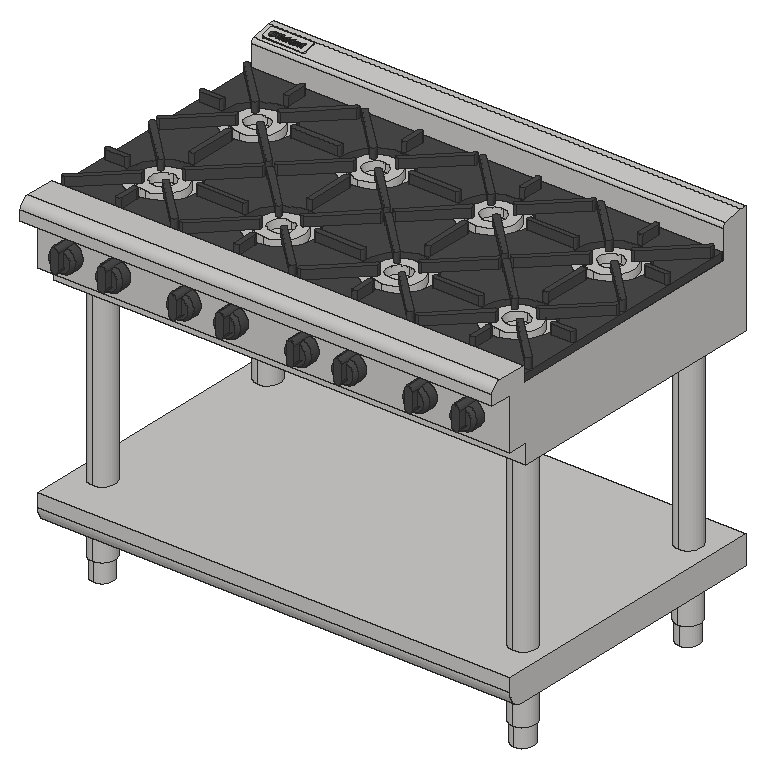
Revit family "QF_MOFFAT WALDORF_RNL8800G-LS", category Specialty Equipment, Revit 2012 (continued)
Lines and regions (mm)
  symbolic lines
    curve 60: line (949.563, -50.782, 0) -> (929.563, -50.782, 0)
    curve 61: line (989.563, -20.984, 0) -> (989.563, -50.782, 0)
    curve 62: line (989.563, -50.782, 0) -> (1009.563, -50.782, 0)
    curve 63: line (1009.563, -50.782, 0) -> (1009.563, -20.984, 0)
    curve 64: line (1009.563, -20.984, 0) -> (989.563, -20.984, 0)
    curve 65: arc (150, -153.418, 0) -> (234.082, -237.5, 0) -> (150, -321.582, 0) r 84.082
    curve 66: arc (150, -321.582, 0) -> (65.918, -237.5, 0) -> (150, -153.418, 0) r 84.082
    curve 67: arc (150, -294.5, 0) -> (207, -237.5, 0) -> (150, -180.5, 0) r 57
    curve 68: arc (150, -180.5, 0) -> (93, -237.5, 0) -> (150, -294.5, 0) r 57
    curve 69: arc (450, -321.582, 0) -> (365.918, -237.5, 0) -> (450, -153.418, 0) r 84.082
    curve 70: arc (450, -153.418, 0) -> (534.082, -237.5, 0) -> (450, -321.582, 0) r 84.082
    curve 71: arc (450, -180.5, 0) -> (393, -237.5, 0) -> (450, -294.5, 0) r 57
    curve 72: arc (450, -294.5, 0) -> (507, -237.5, 0) -> (450, -180.5, 0) r 57
    curve 73: arc (450, -621.582, 0) -> (365.918, -537.5, 0) -> (450, -453.418, 0) r 84.082
    curve 74: arc (450, -453.418, 0) -> (534.082, -537.5, 0) -> (450, -621.582, 0) r 84.082
    curve 75: arc (450, -480.5, 0) -> (393, -537.5, 0) -> (450, -594.5, 0) r 57
    curve 76: arc (450, -594.5, 0) -> (507, -537.5, 0) -> (450, -480.5, 0) r 57
    curve 77: arc (150, -453.418, 0) -> (234.082, -537.5, 0) -> (150, -621.582, 0) r 84.082
    curve 78: arc (150, -621.582, 0) -> (65.918, -537.5, 0) -> (150, -453.418, 0) r 84.082
    curve 79: arc (150, -594.5, 0) -> (207, -537.5, 0) -> (150, -480.5, 0) r 57
    curve 80: arc (150, -480.5, 0) -> (93, -537.5, 0) -> (150, -594.5, 0) r 57
    curve 81: arc (750, -153.418, 0) -> (834.082, -237.5, 0) -> (750, -321.582, 0) r 84.082
    curve 82: arc (750, -321.582, 0) -> (665.918, -237.5, 0) -> (750, -153.418, 0) r 84.082
    curve 83: arc (750, -294.5, 0) -> (807, -237.5, 0) -> (750, -180.5, 0) r 57
    curve 84: arc (750, -180.5, 0) -> (693, -237.5, 0) -> (750, -294.5, 0) r 57
    curve 85: arc (750, -453.418, 0) -> (834.082, -537.5, 0) -> (750, -621.582, 0) r 84.082
    curve 86: arc (750, -621.582, 0) -> (665.918, -537.5, 0) -> (750, -453.418, 0) r 84.082
    curve 87: arc (750, -594.5, 0) -> (807, -537.5, 0) -> (750, -480.5, 0) r 57
    curve 88: arc (750, -480.5, 0) -> (693, -537.5, 0) -> (750, -594.5, 0) r 57
    curve 89: arc (1050, -321.582, 0) -> (965.918, -237.5, 0) -> (1050, -153.418, 0) r 84.082
    curve 90: arc (1050, -153.418, 0) -> (1134.082, -237.5, 0) -> (1050, -321.582, 0) r 84.082
    curve 91: arc (1050, -294.5, 0) -> (1107, -237.5, 0) -> (1050, -180.5, 0) r 57
    curve 92: arc (1050, -180.5, 0) -> (993, -237.5, 0) -> (1050, -294.5, 0) r 57
    curve 93: arc (1050, -621.582, 0) -> (965.918, -537.5, 0) -> (1050, -453.418, 0) r 84.082
    curve 94: arc (1050, -453.418, 0) -> (1134.082, -537.5, 0) -> (1050, -621.582, 0) r 84.082
    curve 95: arc (1050, -480.5, 0) -> (993, -537.5, 0) -> (1050, -594.5, 0) r 57
    curve 96: arc (1050, -594.5, 0) -> (1107, -537.5, 0) -> (1050, -480.5, 0) r 57
    curve 97: line (149.548, -91.559, 0) -> (149.548, -150.474, 0)
    curve 98: line (292.985, -93.673, 0) -> (177.661, -208.996, 0)
    curve 99: line (6.308, -93.805, 0) -> (122.981, -210.478, 0)
    curve 100: line (4.051, -237.21, 0) -> (62.934, -237.21, 0)
    curve 101: line (237.206, -237.685, 0) -> (362.206, -237.685, 0)
    curve 102: line (177.414, -264.855, 0) -> (292.362, -379.803, 0)
    curve 103: line (121.919, -265.123, 0) -> (7.026, -380.016, 0)
    curve 104: line (149.925, -324.847, 0) -> (149.925, -444.847, 0)
    curve 105: line (149.548, -683.441, 0) -> (149.548, -624.526, 0)
    curve 106: line (292.985, -681.327, 0) -> (177.661, -566.004, 0)
    curve 107: line (6.308, -681.195, 0) -> (122.981, -564.522, 0)
    curve 108: line (4.051, -537.79, 0) -> (62.934, -537.79, 0)
    curve 109: line (237.206, -537.315, 0) -> (362.206, -537.315, 0)
    curve 110: line (177.414, -510.145, 0) -> (292.362, -395.197, 0)
    curve 111: line (121.919, -509.877, 0) -> (7.026, -394.984, 0)
    curve 112: line (450.452, -91.559, 0) -> (450.452, -150.474, 0)
    curve 113: line (307.015, -93.673, 0) -> (422.339, -208.996, 0)
    curve 114: line (593.692, -93.805, 0) -> (477.019, -210.478, 0)
    curve 115: line (422.586, -264.855, 0) -> (307.638, -379.803, 0)
    curve 116: line (478.081, -265.123, 0) -> (592.974, -380.016, 0)
    curve 117: line (450.075, -324.847, 0) -> (450.075, -444.847, 0)
    curve 118: line (450.452, -683.441, 0) -> (450.452, -624.526, 0)
    curve 119: line (307.015, -681.327, 0) -> (422.339, -566.004, 0)
    curve 120: line (593.692, -681.195, 0) -> (477.019, -564.522, 0)
    curve 121: line (362.794, -537.315, 0) -> (237.794, -537.315, 0)
    curve 122: line (422.586, -510.145, 0) -> (307.638, -395.197, 0)
    curve 123: line (478.081, -509.877, 0) -> (592.974, -394.984, 0)
    curve 124: arc (1050, -153.418, 0) -> (965.918, -237.5, 0) -> (1050, -321.582, 0) r 84.082
    curve 125: arc (1050, -321.582, 0) -> (1134.082, -237.5, 0) -> (1050, -153.418, 0) r 84.082
    curve 126: arc (1050, -294.5, 0) -> (993, -237.5, 0) -> (1050, -180.5, 0) r 57
    curve 127: arc (1050, -180.5, 0) -> (1107, -237.5, 0) -> (1050, -294.5, 0) r 57
    curve 128: arc (750, -321.582, 0) -> (834.082, -237.5, 0) -> (750, -153.418, 0) r 84.082
    curve 129: arc (750, -153.418, 0) -> (665.918, -237.5, 0) -> (750, -321.582, 0) r 84.082
    curve 130: arc (750, -180.5, 0) -> (807, -237.5, 0) -> (750, -294.5, 0) r 57
    curve 131: arc (750, -294.5, 0) -> (693, -237.5, 0) -> (750, -180.5, 0) r 57
    curve 132: arc (750, -621.582, 0) -> (834.082, -537.5, 0) -> (750, -453.418, 0) r 84.082
    curve 133: arc (750, -453.418, 0) -> (665.918, -537.5, 0) -> (750, -621.582, 0) r 84.082
    curve 134: arc (750, -480.5, 0) -> (807, -537.5, 0) -> (750, -594.5, 0) r 57
    curve 135: arc (750, -594.5, 0) -> (693, -537.5, 0) -> (750, -480.5, 0) r 57
    curve 136: arc (1050, -453.418, 0) -> (965.918, -537.5, 0) -> (1050, -621.582, 0) r 84.082
    curve 137: arc (1050, -621.582, 0) -> (1134.082, -537.5, 0) -> (1050, -453.418, 0) r 84.082
    curve 138: arc (1050, -594.5, 0) -> (993, -537.5, 0) -> (1050, -480.5, 0) r 57
    curve 139: arc (1050, -480.5, 0) -> (1107, -537.5, 0) -> (1050, -594.5, 0) r 57
    curve 140: line (1050.452, -91.559, 0) -> (1050.452, -150.474, 0)
    curve 141: line (907.015, -93.673, 0) -> (1022.339, -208.996, 0)
    curve 142: line (1195.949, -237.21, 0) -> (1137.066, -237.21, 0)
    curve 143: line (962.794, -237.685, 0) -> (837.794, -237.685, 0)
    curve 144: line (1022.586, -264.855, 0) -> (907.638, -379.803, 0)
    curve 145: line (1078.081, -265.123, 0) -> (1192.974, -380.016, 0)
    curve 146: line (1050.075, -324.847, 0) -> (1050.075, -444.847, 0)
    curve 147: line (1050.452, -683.441, 0) -> (1050.452, -624.526, 0)
    curve 148: line (907.015, -681.327, 0) -> (1022.339, -566.004, 0)
    curve 149: line (1193.692, -681.195, 0) -> (1077.019, -564.522, 0)
    curve 150: line (1195.949, -537.79, 0) -> (1137.066, -537.79, 0)
    curve 151: line (962.794, -537.315, 0) -> (837.794, -537.315, 0)
    curve 152: line (1022.586, -510.145, 0) -> (907.638, -395.197, 0)
    curve 153: line (1078.081, -509.877, 0) -> (1192.974, -394.984, 0)
    curve 154: line (749.548, -91.559, 0) -> (749.548, -150.474, 0)
    curve 155: line (892.985, -93.673, 0) -> (777.661, -208.996, 0)
    curve 156: line (606.308, -93.805, 0) -> (722.981, -210.478, 0)
    curve 157: line (777.414, -264.855, 0) -> (892.362, -379.803, 0)
    curve 158: line (721.919, -265.123, 0) -> (607.026, -380.016, 0)
    curve 159: line (749.925, -324.847, 0) -> (749.925, -444.847, 0)
    curve 160: line (749.548, -683.441, 0) -> (749.548, -624.526, 0)
    curve 161: line (892.985, -681.327, 0) -> (777.661, -566.004, 0)
    curve 162: line (606.308, -681.195, 0) -> (722.981, -564.522, 0)
    curve 163: line (837.206, -537.315, 0) -> (962.206, -537.315, 0)
    curve 164: line (777.414, -510.145, 0) -> (892.362, -395.197, 0)
    curve 165: line (721.919, -509.877, 0) -> (607.026, -394.984, 0)
    curve 166: line (1192.985, -93.673, 0) -> (1077.661, -208.996, 0)
    curve 167: line (537.5, -237.685, 0) -> (662.5, -237.685, 0)
    curve 168: line (663.089, -537.315, 0) -> (538.089, -537.315, 0)
    curve 169: line (0, -387.5, 0) -> (1200, -387.5, 0)
    curve 170: line (300.379, -70, 0) -> (300.379, -705, 0)
    curve 171: line (600, -70, 0) -> (600, -705, 0)
    curve 172: line (900, -70, 0) -> (900, -705, 0)
    curve 173: line (1200, -805, 0) -> (1200, 0, 0)
    curve 174: line (0, -805, 0) -> (1200, -805, 0)
    curve 175: line (0, 0, 0) -> (0, -805, 0)
    curve 176: line (1200, -705, 0) -> (0, -705, 0)
    curve 177: line (0, -70, 0) -> (1200, -70, 0)
    curve 178: line (1200, 0, 0) -> (0, 0, 0)
    curve 179: arc (150, -207.5, 0) -> (180, -237.5, 0) -> (150, -267.5, 0) r 30
    curve 180: arc (150, -267.5, 0) -> (120, -237.5, 0) -> (150, -207.5, 0) r 30
    curve 181: arc (450, -267.5, 0) -> (420, -237.5, 0) -> (450, -207.5, 0) r 30
    curve 182: arc (450, -207.5, 0) -> (480, -237.5, 0) -> (450, -267.5, 0) r 30
    curve 183: arc (750, -267.5, 0) -> (720, -237.5, 0) -> (750, -207.5, 0) r 30
    curve 184: arc (750, -207.5, 0) -> (780, -237.5, 0) -> (750, -267.5, 0) r 30
    curve 185: arc (1050, -267.5, 0) -> (1020, -237.5, 0) -> (1050, -207.5, 0) r 30
    curve 186: arc (1050, -207.5, 0) -> (1080, -237.5, 0) -> (1050, -267.5, 0) r 30
    curve 187: arc (1050, -567.5, 0) -> (1020, -537.5, 0) -> (1050, -507.5, 0) r 30
    curve 188: arc (1050, -507.5, 0) -> (1080, -537.5, 0) -> (1050, -567.5, 0) r 30
    curve 189: arc (750, -507.5, 0) -> (780, -537.5, 0) -> (750, -567.5, 0) r 30
    curve 190: arc (750, -567.5, 0) -> (720, -537.5, 0) -> (750, -507.5, 0) r 30
    curve 191: arc (450, -507.5, 0) -> (480, -537.5, 0) -> (450, -567.5, 0) r 30
    curve 192: arc (450, -567.5, 0) -> (420, -537.5, 0) -> (450, -507.5, 0) r 30
    curve 193: arc (150, -507.5, 0) -> (180, -537.5, 0) -> (150, -567.5, 0) r 30
    curve 194: arc (150, -567.5, 0) -> (120, -537.5, 0) -> (150, -507.5, 0) r 30
Dimensions and locks
  equal spacing: plane 3 "LEFT", plane 7 "Center Y", plane 4 "RIGHT"
  plane 3 "LEFT" to plane 4 "RIGHT" = 1200.0 mm
  equal spacing: plane 5 "FRONT", plane 8 "Center X", plane 1 "BACK"
  plane 5 "FRONT" to plane 1 "BACK" = 805.0 mm
  "Base Height": plane 9 "Base Height" to level
  plane 6 "TOP" to level = 970.0 mm
  plane 10 to plane 11 = 1069.0 mm
  "Body Height": plane 12 to level
  Extrusion 7 sketch curve to plane 13 = 64.8 mm
  Revolve 13 sketch curve to Revolve 13 sketch curve to Revolve 15 = 11.0 mm locked, 23.0 mm locked
  level to Extrusion 4 = 655.0 mm
  aligned and locked: level to plane 2
  aligned and locked: Extrusion 1 to Revolve 13 sketch curve
  aligned and locked: Extrusion 1 to Revolve 19 sketch curve
Automatic sketch dimensions
  curve 65 to curve 67 = 0.0 mm  (x2)
  curve 69 to curve 71 = 0.0 mm  (x2)
  curve 73 to curve 75 = 0.0 mm
  curve 74 to curve 76 = 0.0 mm
  curve 77 to curve 79 = 0.0 mm  (x2)
  curve 81 to curve 83 = 0.0 mm  (x2)
  curve 81 to curve 128 = 0.0 mm  (x3)
  curve 81 to curve 130 = 0.0 mm  (x2)
  curve 85 to curve 87 = 0.0 mm  (x2)
  curve 85 to curve 132 = 0.0 mm
  curve 85 to curve 134 = 0.0 mm  (x2)
  curve 86 to curve 133 = 0.0 mm
  curve 89 to curve 91 = 0.0 mm  (x2)
  curve 90 to curve 127 = 0.0 mm
  curve 91 to curve 126 = 0.0 mm  (x2)
  curve 93 to curve 95 = 0.0 mm  (x2)
  curve 94 to curve 136 = 0.0 mm
  curve 96 to curve 139 = 0.0 mm
  curve 125 to curve 127 = 0.0 mm  (x2)
  curve 137 to curve 139 = 0.0 mm  (x2)
  curve 171 to plane 7 "Center Y" = 0.0 mm
  curve 169 to plane 4 "RIGHT" = 0.0 mm
  plane 3 "LEFT" to curve 100 = 4.051 mm
  plane 3 "LEFT" to curve 108 = 4.051 mm
  plane 3 "LEFT" to curve 107 = 6.308 mm
  plane 3 "LEFT" to curve 99 = 6.308 mm
  plane 3 "LEFT" to curve 111 = 7.026 mm
  plane 3 "LEFT" to curve 103 = 7.026 mm
  plane 3 "LEFT" to curve 3 = 12.5 mm
  curve 100 to plane 11 = 2.066 mm
  curve 108 to plane 11 = 2.066 mm
  plane 11 to curve 4 = 56.5 mm
  plane 11 to curve 103 = 56.919 mm
  plane 11 to curve 111 = 56.919 mm
  curve 111 to curve 107 = 1.062 mm
  curve 103 to curve 99 = 1.062 mm
  curve 99 to curve 97 = 26.567 mm
  plane 11 to curve 105 = 84.548 mm
  curve 2 to curve 5 = 28.062 mm
  curve 103 to curve 104 = 28.006 mm
  curve 104 to curve 80 = 0.075 mm
  curve 104 to curve 68 = 0.075 mm
  curve 5 to curve 7 = 20.0 mm
  curve 65 to curve 102 = 27.414 mm
  curve 77 to curve 110 = 27.414 mm
  curve 67 to curve 98 = 27.661 mm
  curve 79 to curve 106 = 27.661 mm
  curve 6 to curve 9 = 40.0 mm
  curve 9 to curve 12 = 20.0 mm
  curve 102 to curve 101 = 59.792 mm
  curve 110 to curve 109 = 59.792 mm
  curve 109 to curve 121 = 0.589 mm  (x2)
  curve 10 to curve 13 = 40.0 mm
  curve 13 to curve 16 = 20.0 mm
  plane 8 "Center X" to curve 110 = 7.303 mm
  curve 104 to curve 110 = 142.437 mm
  plane 8 "Center X" to curve 102 = 22.697 mm
  curve 102 to curve 110 = 0.0 mm
  curve 105 to curve 106 = 143.437 mm
  plane 1 "BACK" to curve 98 = 93.673 mm
  curve 14 to curve 98 = 3.422 mm
  curve 14 to curve 170 = 10.817 mm
  curve 98 to curve 113 = 14.03 mm
  curve 106 to curve 119 = 14.03 mm
  plane 8 "Center X" to curve 122 = 7.303 mm
  curve 110 to curve 122 = 15.277 mm
  plane 8 "Center X" to curve 115 = 22.697 mm
  curve 102 to curve 115 = 15.277 mm
  curve 15 to curve 20 = 40.0 mm
  curve 17 to curve 19 = 20.0 mm
  curve 101 to curve 101 = 125.0 mm
  curve 121 to curve 109 = 124.411 mm
  curve 19 to curve 22 = 40.0 mm
  curve 21 to curve 23 = 20.0 mm
  curve 101 to curve 113 = 60.133 mm
  curve 121 to curve 119 = 59.544 mm
  curve 113 to curve 115 = 0.248 mm
  curve 119 to curve 122 = 0.248 mm
  curve 22 to curve 25 = 40.0 mm
  curve 122 to curve 73 = 27.414 mm
  curve 113 to curve 72 = 27.661 mm
  curve 74 to curve 117 = 0.075 mm
  curve 70 to curve 112 = 0.452 mm
  curve 73 to curve 118 = 0.452 mm
  curve 25 to curve 27 = 20.0 mm
  curve 73 to curve 120 = 27.019 mm
  curve 69 to curve 114 = 27.019 mm
  curve 73 to curve 123 = 28.081 mm
  curve 69 to curve 116 = 28.081 mm
  curve 26 to curve 30 = 40.0 mm
  curve 29 to curve 31 = 20.0 mm
  curve 167 to plane 7 "Center Y" = 62.5 mm
  curve 168 to plane 7 "Center Y" = 61.911 mm
  curve 33 to plane 7 "Center Y" = 30.437 mm
  curve 35 to plane 7 "Center Y" = 10.437 mm
  curve 123 to plane 7 "Center Y" = 7.026 mm
  curve 116 to plane 7 "Center Y" = 7.026 mm
  curve 120 to plane 7 "Center Y" = 6.308 mm
  curve 114 to plane 7 "Center Y" = 6.308 mm
  plane 7 "Center Y" to curve 156 = 6.308 mm
  plane 7 "Center Y" to curve 162 = 6.308 mm
  plane 7 "Center Y" to curve 165 = 7.026 mm
  plane 7 "Center Y" to curve 158 = 7.026 mm
  plane 7 "Center Y" to curve 37 = 29.563 mm
  curve 37 to curve 38 = 20.0 mm
  plane 7 "Center Y" to curve 167 = 62.5 mm
  plane 7 "Center Y" to curve 168 = 63.089 mm
  curve 38 to curve 41 = 40.0 mm
  curve 41 to curve 43 = 20.0 mm
  curve 167 to curve 158 = 59.419 mm
  curve 168 to curve 165 = 58.83 mm
  curve 158 to curve 156 = 1.062 mm
  curve 165 to curve 162 = 1.062 mm
  curve 162 to curve 160 = 26.567 mm
  curve 156 to curve 154 = 26.567 mm
  curve 43 to curve 45 = 40.0 mm
  curve 158 to curve 159 = 28.006 mm
  curve 159 to curve 128 = 0.075 mm
  curve 162 to curve 133 = 27.019 mm
  curve 45 to curve 47 = 20.0 mm
  curve 85 to curve 164 = 27.414 mm
  curve 81 to curve 157 = 27.414 mm
  curve 84 to curve 155 = 27.661 mm
  curve 134 to curve 161 = 27.661 mm
  curve 47 to curve 50 = 40.0 mm
  curve 49 to curve 51 = 20.0 mm
  curve 164 to curve 163 = 59.792 mm
  curve 163 to curve 151 = 0.589 mm  (x2)
  curve 157 to curve 143 = 60.381 mm
  curve 51 to curve 53 = 40.0 mm
  curve 53 to curve 55 = 20.0 mm
  plane 8 "Center X" to curve 164 = 7.303 mm
  curve 159 to curve 164 = 142.437 mm
  plane 8 "Center X" to curve 157 = 22.697 mm
  curve 157 to curve 164 = 0.0 mm
  curve 160 to curve 161 = 143.437 mm
  plane 1 "BACK" to curve 155 = 93.673 mm
  curve 54 to curve 155 = 3.422 mm
  curve 54 to curve 172 = 10.438 mm
  curve 161 to curve 148 = 14.03 mm
  plane 1 "BACK" to curve 141 = 93.673 mm
  curve 155 to curve 141 = 14.03 mm
  plane 8 "Center X" to curve 144 = 22.697 mm
  curve 157 to curve 144 = 15.277 mm
  plane 8 "Center X" to curve 152 = 7.303 mm
  curve 164 to curve 152 = 15.277 mm
  curve 55 to curve 58 = 40.0 mm
  curve 57 to curve 60 = 20.0 mm
  curve 151 to curve 163 = 124.411 mm
  curve 143 to curve 143 = 125.0 mm
  curve 59 to curve 62 = 40.0 mm
  curve 61 to curve 63 = 20.0 mm
  curve 143 to curve 141 = 59.544 mm
  curve 151 to curve 148 = 59.544 mm
  curve 148 to curve 152 = 0.248 mm
  curve 141 to curve 144 = 0.248 mm
  curve 148 to curve 139 = 27.661 mm
  curve 144 to curve 92 = 27.414 mm
  curve 125 to curve 146 = 0.075 mm
  curve 137 to curve 147 = 0.452 mm
  curve 62 to curve 140 = 40.89 mm
  curve 136 to curve 149 = 27.019 mm
  curve 126 to curve 166 = 27.661 mm
  curve 136 to curve 153 = 28.081 mm
  curve 124 to curve 145 = 28.081 mm
  plane 10 to curve 150 = 3.066 mm
  plane 10 to curve 142 = 3.066 mm
  plane 4 "RIGHT" to curve 145 = 7.026 mm
  plane 4 "RIGHT" to curve 153 = 7.026 mm
  plane 4 "RIGHT" to curve 166 = 7.015 mm
  plane 4 "RIGHT" to curve 149 = 6.308 mm
  plane 4 "RIGHT" to curve 150 = 4.051 mm
  plane 4 "RIGHT" to curve 142 = 4.051 mm
  curve 159 to plane 8 "Center X" = 42.347 mm
  curve 146 to plane 8 "Center X" = 42.347 mm
  curve 117 to plane 8 "Center X" = 42.347 mm
  curve 104 to plane 8 "Center X" = 42.347 mm
  curve 94 to curve 146 = 8.57 mm
  curve 73 to curve 117 = 8.57 mm
  curve 86 to curve 159 = 8.57 mm
  curve 137 to curve 94 = 0.0 mm
  curve 77 to curve 104 = 8.57 mm
  curve 133 to curve 86 = 0.0 mm
  curve 79 to curve 77 = 27.082 mm
  curve 96 to curve 93 = 27.082 mm
  curve 88 to curve 85 = 27.082 mm
  curve 75 to curve 73 = 27.082 mm
  curve 139 to curve 95 = 0.0 mm
  curve 135 to curve 87 = 0.0 mm
  curve 153 to curve 138 = 29.377 mm
  curve 123 to curve 75 = 29.377 mm
  curve 111 to curve 79 = 29.377 mm
  curve 165 to curve 134 = 29.377 mm
  curve 152 to curve 95 = 29.645 mm
  curve 122 to curve 76 = 29.645 mm
  curve 110 to curve 79 = 29.645 mm
  curve 164 to curve 88 = 29.645 mm
  curve 168 to curve 165 = 27.439 mm
  curve 151 to curve 164 = 27.171 mm
  curve 109 to curve 110 = 27.171 mm
  curve 163 to curve 151 = 0.0 mm
  curve 109 to curve 121 = 0.0 mm
  curve 73 to curve 122 = 27.355 mm
  curve 133 to curve 164 = 27.355 mm
  curve 95 to curve 152 = 27.355 mm
  curve 77 to curve 110 = 27.355 mm
  curve 150 to curve 153 = 27.913 mm
  curve 108 to curve 111 = 27.913 mm
  curve 149 to curve 136 = 27.022 mm
  curve 107 to curve 77 = 27.022 mm
  curve 120 to curve 73 = 27.022 mm
  curve 162 to curve 85 = 27.022 mm
  curve 95 to curve 148 = 28.496 mm
  curve 79 to curve 106 = 28.496 mm
  curve 75 to curve 119 = 28.496 mm
  curve 134 to curve 161 = 28.496 mm
  curve 118 to curve 74 = 2.944 mm
  curve 160 to curve 133 = 2.944 mm
  curve 105 to curve 78 = 2.944 mm
  curve 147 to curve 137 = 2.944 mm
  curve 107 to plane 5 "FRONT" = 123.805 mm
  curve 120 to curve 162 = 0.0 mm
  curve 149 to plane 5 "FRONT" = 123.805 mm
  curve 161 to curve 148 = 0.0 mm
  curve 106 to plane 5 "FRONT" = 123.673 mm
  curve 106 to curve 119 = 0.0 mm
  curve 105 to curve 105 = 58.914 mm
  curve 147 to curve 147 = 58.914 mm
  curve 118 to curve 118 = 58.914 mm
  curve 160 to curve 160 = 58.914 mm
  curve 172 to curve 148 = 23.673 mm
  curve 170 to curve 119 = 23.673 mm
  curve 171 to curve 162 = 23.805 mm
  plane 8 "Center X" to curve 123 = 7.516 mm
  plane 8 "Center X" to curve 153 = 7.516 mm
  plane 8 "Center X" to curve 165 = 7.516 mm
  plane 8 "Center X" to curve 111 = 7.516 mm
  curve 153 to curve 169 = 7.484 mm
  curve 165 to curve 158 = 14.968 mm
  curve 169 to curve 103 = 7.484 mm
  curve 169 to curve 145 = 7.484 mm
  curve 116 to curve 158 = 0.0 mm
  plane 8 "Center X" to curve 117 = 77.653 mm
  plane 8 "Center X" to curve 104 = 77.653 mm
  plane 8 "Center X" to curve 159 = 77.653 mm
  plane 8 "Center X" to curve 146 = 77.653 mm
  curve 104 to curve 65 = 3.265 mm
  curve 159 to curve 128 = 3.265 mm
  curve 146 to curve 90 = 3.265 mm
  curve 117 to curve 70 = 3.265 mm
  curve 125 to curve 90 = 0.0 mm
  curve 81 to curve 130 = 27.082 mm
  curve 84 to curve 131 = 0.0 mm
  curve 89 to curve 126 = 27.082 mm
  curve 65 to curve 68 = 27.082 mm
  curve 69 to curve 72 = 27.082 mm
  curve 127 to curve 145 = 29.377 mm
  curve 84 to curve 158 = 29.377 mm
  curve 68 to curve 103 = 29.377 mm
  curve 72 to curve 116 = 29.377 mm
  curve 130 to curve 157 = 29.645 mm
  curve 92 to curve 144 = 29.645 mm
  curve 67 to curve 102 = 29.645 mm
  curve 71 to curve 115 = 29.645 mm
  curve 102 to curve 101 = 27.171 mm
  curve 157 to curve 143 = 27.171 mm
  curve 116 to curve 167 = 27.439 mm
  curve 102 to curve 68 = 27.355 mm
  curve 115 to curve 69 = 27.355 mm
  curve 157 to curve 83 = 27.355 mm
  curve 144 to curve 127 = 27.355 mm
  curve 103 to curve 100 = 27.913 mm
  curve 145 to curve 142 = 27.913 mm
  curve 81 to curve 156 = 27.022 mm
  curve 69 to curve 114 = 27.022 mm
  curve 65 to curve 99 = 27.022 mm
  curve 166 to curve 126 = 28.496 mm
  curve 98 to curve 67 = 28.496 mm
  curve 113 to curve 72 = 28.496 mm
  curve 155 to curve 84 = 28.496 mm
  curve 141 to curve 91 = 28.496 mm
  curve 82 to curve 154 = 2.944 mm
  curve 66 to curve 97 = 2.944 mm
  curve 125 to curve 140 = 2.944 mm
  curve 70 to curve 112 = 2.944 mm
  plane 1 "BACK" to curve 99 = 93.805 mm
  curve 114 to curve 156 = 0.0 mm
  plane 1 "BACK" to curve 166 = 93.673 mm
  curve 97 to curve 97 = 58.914 mm
  curve 112 to curve 112 = 58.914 mm
  curve 154 to curve 154 = 58.914 mm
  curve 140 to curve 140 = 58.914 mm
  curve 156 to curve 171 = 23.805 mm
  curve 141 to curve 172 = 23.673 mm
  curve 113 to curve 170 = 23.673 mm
  curve 97 to curve 2 = 39.499 mm
  curve 170 to curve 18 = 19.218 mm
  plane 1 "BACK" to curve 41 = 50.782 mm
  plane 1 "BACK" to curve 62 = 50.782 mm
  curve 18 to curve 21 = 0.0 mm
  curve 42 to curve 45 = 0.0 mm
  curve 23 to curve 25 = 0.0 mm
  curve 47 to curve 49 = 0.0 mm
  curve 26 to curve 29 = 0.0 mm
  curve 39 to curve 41 = 0.0 mm
  curve 171 to curve 33 = 19.218 mm
  curve 2 to curve 5 = 1.278 mm
  curve 172 to curve 53 = 19.218 mm
  curve 172 to curve 57 = 19.218 mm
  curve 170 to curve 15 = 19.218 mm
  curve 7 to curve 12 = 0.0 mm
  plane 1 "BACK" to curve 1 = 21.784 mm
  plane 1 "BACK" to curve 63 = 20.984 mm
  plane 1 "BACK" to curve 39 = 20.984 mm
  plane 1 "BACK" to curve 9 = 20.984 mm
  plane 1 "BACK" to curve 7 = 20.984 mm
  plane 1 "BACK" to curve 13 = 20.984 mm
  plane 1 "BACK" to curve 35 = 20.984 mm
  plane 1 "BACK" to curve 59 = 20.984 mm
  plane 1 "BACK" to curve 56 = 20.984 mm
  plane 1 "BACK" to curve 52 = 20.984 mm
  plane 1 "BACK" to curve 17 = 20.984 mm
  plane 1 "BACK" to curve 32 = 20.984 mm
  plane 1 "BACK" to curve 28 = 20.984 mm
  plane 1 "BACK" to curve 23 = 20.984 mm
  plane 1 "BACK" to curve 47 = 20.984 mm
  plane 1 "BACK" to curve 44 = 20.984 mm
  plane 5 "FRONT" to curve 173 = 0.0 mm
  curve 174 to plane 3 "LEFT" = 0.0 mm
  plane 1 "BACK" to curve 175 = 0.0 mm
  Revolve 2 sketch curve to plane 6 "TOP" = 169.5 mm
  Revolve 2 sketch curve to plane 5 "FRONT" = 56.0 mm
  Revolve 2 sketch curve to plane 6 "TOP" = 137.0 mm
  Revolve 2 sketch curve to Revolve 2 sketch curve = 10.0 mm
  Revolve 2 sketch curve to Revolve 2 sketch curve = 21.3 mm
  Revolve 2 sketch curve to plane 5 "FRONT" = 23.0 mm
  Revolve 2 sketch curve to plane 5 "FRONT" = 12.0 mm
  Revolve 2 sketch curve to Revolve 2 sketch curve = 0.0 mm  (x2)
  Revolve 2 sketch curve to Revolve 2 sketch curve = 5.0 mm
  Revolve 2 sketch curve to plane 6 "TOP" = 142.849 mm
  Extrusion 3 sketch curve to plane 6 "TOP" = 142.605 mm
  plane 11 to Extrusion 3 sketch curve = 135.0 mm
  Extrusion 3 sketch curve to Extrusion 3 sketch curve = 10.0 mm
  Extrusion 3 sketch curve to plane 6 "TOP" = 181.602 mm
  plane 1 "BACK" to Extrusion 4 sketch curve = 32.0 mm
  Extrusion 4 sketch curve to plane 10 = 64.0 mm
  Revolve 5 sketch curve to plane 5 "FRONT" = 12.0 mm
  Revolve 5 sketch curve to Revolve 5 sketch curve = 0.0 mm  (x2)
  Revolve 5 sketch curve to Revolve 5 sketch curve = 11.0 mm
  Revolve 5 sketch curve to Revolve 5 sketch curve = 12.7 mm
  Revolve 5 sketch curve to Revolve 5 sketch curve = 23.0 mm
  Revolve 5 sketch curve to Revolve 5 sketch curve = 10.0 mm
  Revolve 5 sketch curve to plane 6 "TOP" = 137.232 mm
  Revolve 5 sketch curve to plane 6 "TOP" = 143.081 mm
  Revolve 5 sketch curve to plane 6 "TOP" = 164.732 mm
  Revolve 5 sketch curve to plane 6 "TOP" = 169.732 mm
  Extrusion 6 sketch curve to plane 6 "TOP" = 142.605 mm
  plane 11 to Extrusion 6 sketch curve = 35.0 mm
  Extrusion 6 sketch curve to Extrusion 6 sketch curve = 10.0 mm
  Extrusion 6 sketch curve to plane 6 "TOP" = 181.605 mm
  Extrusion 1 to Extrusion 7 sketch curve = 1.0 mm  (x2)
  Extrusion 7 sketch curve to Extrusion 7 sketch curve = 3.0 mm
  Extrusion 1 to Extrusion 7 sketch curve = 4.0 mm
  Extrusion 1 to Extrusion 7 sketch curve = 167.5 mm  (x4)
  Extrusion 7 sketch curve to Extrusion 1 = 167.5 mm  (x4)
  Extrusion 7 sketch curve to Extrusion 1 = 4.0 mm  (x2)
  Extrusion 7 sketch curve to Extrusion 1 = 1.0 mm
  Extrusion 1 to Extrusion 7 sketch curve = 150.0 mm  (x4)
  Extrusion 7 sketch curve to Extrusion 7 sketch curve = 0.0 mm
  Extrusion 8 sketch curve to Extrusion 7 = 22.602 mm  (x8)
  Extrusion 8 sketch curve to Extrusion 7 = 25.398 mm  (x8)
  Extrusion 8 sketch curve to Extrusion 8 sketch curve = 4.525 mm  (x64)
  Extrusion 8 sketch curve to Extrusion 8 sketch curve = 49.204 mm  (x7)
  Extrusion 8 sketch curve to Extrusion 8 sketch curve = 55.923 mm  (x30)
  Extrusion 8 sketch curve to Extrusion 8 sketch curve = 0.0 mm  (x26)
  Extrusion 8 sketch curve to Extrusion 8 sketch curve = 20.524 mm  (x22)
  Extrusion 8 sketch curve to Extrusion 8 sketch curve = 6.4 mm  (x22)
  Extrusion 8 sketch curve to Extrusion 8 sketch curve = 53.847 mm  (x32)
  Extrusion 8 sketch curve to Extrusion 7 = 5.102 mm  (x5)
  Extrusion 8 sketch curve to Extrusion 8 sketch curve = 128.447 mm  (x14)
  Extrusion 8 sketch curve to Extrusion 7 = 14.153 mm  (x2)
  Extrusion 8 sketch curve to Extrusion 8 sketch curve = 12.205 mm  (x20)
  Extrusion 8 sketch curve to Extrusion 8 sketch curve = 116.204 mm  (x10)
  Extrusion 8 sketch curve to Extrusion 7 = 7.898 mm  (x4)
  Extrusion 8 sketch curve to Extrusion 7 = 31.653 mm  (x5)
  Extrusion 8 sketch curve to Extrusion 7 = 57.102 mm
  Extrusion 1 to Split face 1 sketch curve = 5.177 mm
  Split face 1 sketch curve to Extrusion 1 = 9.153 mm
  Split face 1 sketch curve to Extrusion 1 = 149.562 mm
  Split face 1 sketch curve to Split face 1 sketch curve = 20.0 mm
  Revolve 9 sketch curve to plane 6 "TOP" = 169.5 mm
  Revolve 9 sketch curve to plane 5 "FRONT" = 56.0 mm
  Revolve 9 sketch curve to plane 6 "TOP" = 137.0 mm
  Revolve 9 sketch curve to Revolve 9 sketch curve = 10.0 mm
  Revolve 9 sketch curve to Revolve 9 sketch curve = 21.3 mm
  Revolve 9 sketch curve to plane 5 "FRONT" = 23.0 mm
  Revolve 9 sketch curve to plane 5 "FRONT" = 12.0 mm
  Revolve 9 sketch curve to Revolve 9 sketch curve = 0.0 mm  (x2)
  Revolve 9 sketch curve to Revolve 9 sketch curve = 5.0 mm
  Revolve 9 sketch curve to plane 6 "TOP" = 142.849 mm
  Extrusion 10 sketch curve to plane 6 "TOP" = 142.605 mm
  Extrusion 10 sketch curve to plane 7 "Center Y" = 100.0 mm
  Extrusion 10 sketch curve to Extrusion 10 sketch curve = 10.0 mm
  Extrusion 10 sketch curve to plane 6 "TOP" = 181.602 mm
  Revolve 11 sketch curve to plane 5 "FRONT" = 12.0 mm
  Revolve 11 sketch curve to Revolve 11 sketch curve = 0.0 mm  (x2)
  Revolve 11 sketch curve to Revolve 11 sketch curve = 11.0 mm
  Revolve 11 sketch curve to Revolve 11 sketch curve = 12.7 mm
  Revolve 11 sketch curve to Revolve 11 sketch curve = 23.0 mm
  Revolve 11 sketch curve to Revolve 11 sketch curve = 10.0 mm
  Revolve 11 sketch curve to plane 6 "TOP" = 137.232 mm
  Revolve 11 sketch curve to plane 6 "TOP" = 143.081 mm
  Revolve 11 sketch curve to plane 6 "TOP" = 164.732 mm
  Revolve 11 sketch curve to plane 6 "TOP" = 169.732 mm
  Extrusion 12 sketch curve to plane 6 "TOP" = 142.605 mm
  Extrusion 12 sketch curve to plane 7 "Center Y" = 200.0 mm
  Extrusion 12 sketch curve to Extrusion 12 sketch curve = 10.0 mm
  Extrusion 12 sketch curve to plane 6 "TOP" = 181.605 mm
  Revolve 13 sketch curve to Revolve 13 sketch curve = 23.0 mm
  Revolve 13 sketch curve to Revolve 13 sketch curve = 12.7 mm
  Revolve 13 sketch curve to Revolve 13 sketch curve = 0.0 mm
  Revolve 13 sketch curve to plane 6 "TOP" = 169.5 mm  (x2)
  Revolve 13 sketch curve to Revolve 13 sketch curve = 5.0 mm
  Revolve 13 sketch curve to plane 6 "TOP" = 142.849 mm
  Revolve 13 sketch curve to Revolve 13 sketch curve = 5.849 mm
  Extrusion 14 sketch curve to plane 6 "TOP" = 142.605 mm
  plane 7 "Center Y" to Extrusion 14 sketch curve = 199.375 mm
  Extrusion 14 sketch curve to Extrusion 14 sketch curve = 10.0 mm
  Extrusion 14 sketch curve to plane 6 "TOP" = 181.602 mm
  Revolve 15 sketch curve to plane 5 "FRONT" = 12.0 mm
  Revolve 15 sketch curve to Revolve 15 sketch curve = 0.0 mm  (x2)
  Revolve 15 sketch curve to Revolve 15 sketch curve = 11.0 mm
  Revolve 15 sketch curve to Revolve 15 sketch curve = 12.7 mm
  Revolve 15 sketch curve to Revolve 15 sketch curve = 23.0 mm
  Revolve 15 sketch curve to Revolve 15 sketch curve = 10.0 mm
  Revolve 15 sketch curve to plane 6 "TOP" = 137.232 mm
  Revolve 15 sketch curve to plane 6 "TOP" = 143.081 mm
  Revolve 15 sketch curve to plane 6 "TOP" = 164.732 mm
  Revolve 15 sketch curve to plane 6 "TOP" = 169.732 mm
  Extrusion 16 sketch curve to plane 6 "TOP" = 142.605 mm
  plane 7 "Center Y" to Extrusion 16 sketch curve = 99.375 mm
  Extrusion 16 sketch curve to Extrusion 16 sketch curve = 10.0 mm
  Extrusion 16 sketch curve to plane 6 "TOP" = 181.605 mm
  Revolve 17 sketch curve to plane 6 "TOP" = 169.5 mm
  Revolve 17 sketch curve to plane 5 "FRONT" = 56.0 mm
  Revolve 17 sketch curve to plane 6 "TOP" = 137.0 mm
  Revolve 17 sketch curve to Revolve 17 sketch curve = 10.0 mm
  Revolve 17 sketch curve to Revolve 17 sketch curve = 21.3 mm
  Revolve 17 sketch curve to plane 5 "FRONT" = 23.0 mm
  Revolve 17 sketch curve to plane 5 "FRONT" = 12.0 mm
  Revolve 17 sketch curve to Revolve 17 sketch curve = 0.0 mm  (x2)
  Revolve 17 sketch curve to plane 6 "TOP" = 142.849 mm
  Revolve 17 sketch curve to Revolve 17 sketch curve = 5.0 mm
  Extrusion 18 sketch curve to plane 6 "TOP" = 142.605 mm
  Extrusion 18 sketch curve to plane 10 = 134.0 mm
  Extrusion 18 sketch curve to Extrusion 18 sketch curve = 10.0 mm
  Extrusion 18 sketch curve to plane 6 "TOP" = 181.602 mm
  Revolve 19 sketch curve to plane 5 "FRONT" = 12.0 mm
  Revolve 19 sketch curve to Revolve 19 sketch curve = 0.0 mm
  Revolve 19 sketch curve to Revolve 19 sketch curve = 11.0 mm
  Revolve 19 sketch curve to Revolve 19 sketch curve = 12.7 mm
  Revolve 19 sketch curve to Revolve 19 sketch curve = 10.0 mm
  Revolve 19 sketch curve to plane 6 "TOP" = 169.732 mm  (x2)
  Revolve 19 sketch curve to Revolve 19 sketch curve = 5.0 mm
  Revolve 19 sketch curve to plane 6 "TOP" = 143.081 mm
  Revolve 19 sketch curve to Revolve 19 sketch curve = 5.849 mm
  Extrusion 20 sketch curve to plane 6 "TOP" = 142.605 mm
  Extrusion 20 sketch curve to plane 10 = 34.0 mm
  Extrusion 20 sketch curve to Extrusion 20 sketch curve = 10.0 mm
  Extrusion 20 sketch curve to plane 6 "TOP" = 181.605 mm
  Extrusion 1 to Split face 2 sketch curve = 5.177 mm
  Split face 2 sketch curve to Extrusion 1 = 9.153 mm
  Split face 2 sketch curve to Extrusion 1 = 209.562 mm
  Split face 2 sketch curve to Split face 2 sketch curve = 20.0 mm
  Extrusion 1 to Split face 3 sketch curve = 5.177 mm
  Split face 3 sketch curve to Extrusion 1 = 9.153 mm
  Split face 3 sketch curve to Extrusion 1 = 269.562 mm
  Split face 3 sketch curve to Split face 3 sketch curve = 20.0 mm
  Extrusion 1 to Split face 4 sketch curve = 5.177 mm
  Split face 4 sketch curve to Extrusion 1 = 9.153 mm
  Split face 4 sketch curve to Extrusion 1 = 329.562 mm
  Split face 4 sketch curve to Split face 4 sketch curve = 20.0 mm
  Extrusion 1 to Split face 5 sketch curve = 5.177 mm
  Split face 5 sketch curve to Extrusion 1 = 9.153 mm
  Split face 5 sketch curve to Extrusion 1 = 389.563 mm
  Split face 5 sketch curve to Split face 5 sketch curve = 20.0 mm
  Extrusion 1 to Split face 6 sketch curve = 5.177 mm
  Split face 6 sketch curve to Extrusion 1 = 9.153 mm
  Split face 6 sketch curve to Extrusion 1 = 449.563 mm
  Split face 6 sketch curve to Split face 6 sketch curve = 20.0 mm
  Extrusion 1 to Split face 7 sketch curve = 5.177 mm
  Split face 7 sketch curve to Extrusion 1 = 9.153 mm
  Split face 7 sketch curve to Extrusion 1 = 509.563 mm
  Split face 7 sketch curve to Split face 7 sketch curve = 20.0 mm
  Extrusion 1 to Split face 8 sketch curve = 5.177 mm
  Split face 8 sketch curve to Extrusion 1 = 9.153 mm
  Split face 8 sketch curve to Extrusion 1 = 569.563 mm
  Split face 8 sketch curve to Split face 8 sketch curve = 20.0 mm
  Extrusion 1 to Split face 9 sketch curve = 5.177 mm
  Split face 9 sketch curve to Extrusion 1 = 9.153 mm
  Split face 9 sketch curve to Extrusion 1 = 570.437 mm
  Split face 9 sketch curve to Split face 9 sketch curve = 20.0 mm
  Extrusion 1 to Split face 10 sketch curve = 5.177 mm
  Split face 10 sketch curve to Extrusion 1 = 9.153 mm
  Split face 10 sketch curve to Extrusion 1 = 510.437 mm
  Split face 10 sketch curve to Split face 10 sketch curve = 20.0 mm
  Extrusion 1 to Split face 11 sketch curve = 5.177 mm
  Split face 11 sketch curve to Extrusion 1 = 9.153 mm
  Split face 11 sketch curve to Extrusion 1 = 450.437 mm
  Split face 11 sketch curve to Split face 11 sketch curve = 20.0 mm
  Extrusion 1 to Split face 12 sketch curve = 5.177 mm
  Split face 12 sketch curve to Extrusion 1 = 9.153 mm
  Split face 12 sketch curve to Extrusion 1 = 390.437 mm
  Split face 12 sketch curve to Split face 12 sketch curve = 20.0 mm
  Extrusion 1 to Split face 13 sketch curve = 5.177 mm
  Split face 13 sketch curve to Extrusion 1 = 9.153 mm
  Split face 13 sketch curve to Extrusion 1 = 330.437 mm
  Split face 13 sketch curve to Split face 13 sketch curve = 20.0 mm
  Extrusion 1 to Split face 14 sketch curve = 5.177 mm
  Split face 14 sketch curve to Extrusion 1 = 9.153 mm
  Split face 14 sketch curve to Extrusion 1 = 270.437 mm
  Split face 14 sketch curve to Split face 14 sketch curve = 20.0 mm
  Extrusion 1 to Split face 15 sketch curve = 5.177 mm
  Split face 15 sketch curve to Extrusion 1 = 9.153 mm
  Split face 15 sketch curve to Extrusion 1 = 210.437 mm
  Split face 15 sketch curve to Split face 15 sketch curve = 20.0 mm
  Revolve 21 sketch curve to plane 9 "Base Height" = 0.0 mm
  Revolve 21 sketch curve to level = 0.0 mm
  level to Revolve 21 sketch curve = 50.0 mm
  plane 1 "BACK" to Revolve 21 sketch curve = 131.75 mm
  Revolve 21 sketch curve to Revolve 21 sketch curve = 4.25 mm
  Revolve 21 sketch curve to Revolve 21 sketch curve = 27.5 mm  (x2)
  Revolve 21 sketch curve to Revolve 21 sketch curve = 55.0 mm
  Revolve 21 sketch curve to Revolve 21 sketch curve = 0.0 mm
  Revolve 22 sketch curve to plane 9 "Base Height" = 0.0 mm
  Revolve 22 sketch curve to level = 0.0 mm
  level to Revolve 22 sketch curve = 50.0 mm
  Revolve 22 sketch curve to plane 5 "FRONT" = 148.25 mm
  Revolve 22 sketch curve to Revolve 22 sketch curve = 4.25 mm
  Revolve 22 sketch curve to Revolve 22 sketch curve = 27.5 mm  (x2)
  Revolve 22 sketch curve to Revolve 22 sketch curve = 55.0 mm
  Revolve 22 sketch curve to Revolve 22 sketch curve = 0.0 mm
  Revolve 23 sketch curve to plane 9 "Base Height" = 0.0 mm
  Revolve 23 sketch curve to level = 0.0 mm
  level to Revolve 23 sketch curve = 50.0 mm
  plane 1 "BACK" to Revolve 23 sketch curve = 131.75 mm
  Revolve 23 sketch curve to Revolve 23 sketch curve = 4.25 mm
  Revolve 23 sketch curve to Revolve 23 sketch curve = 27.5 mm  (x2)
  Revolve 23 sketch curve to Revolve 23 sketch curve = 0.0 mm
  Revolve 23 sketch curve to Revolve 23 sketch curve = 55.0 mm
  Revolve 24 sketch curve to plane 9 "Base Height" = 0.0 mm
  Revolve 24 sketch curve to level = 0.0 mm
  level to Revolve 24 sketch curve = 50.0 mm
  Revolve 24 sketch curve to plane 5 "FRONT" = 148.25 mm
  Revolve 24 sketch curve to Revolve 24 sketch curve = 4.25 mm
  Revolve 24 sketch curve to Revolve 24 sketch curve = 27.5 mm  (x2)
  Revolve 24 sketch curve to Revolve 24 sketch curve = 0.0 mm
  Revolve 24 sketch curve to Revolve 24 sketch curve = 55.0 mm
  Extrusion 1 to Extrusion 25 sketch curve = 100.0 mm  (x2)
  Extrusion 1 to Extrusion 25 sketch curve = 124.0 mm  (x2)
  Extrusion 1 to Extrusion 25 sketch curve = 65.052 mm  (x4)
  Extrusion 1 sketch curve to plane 5 "FRONT" = 0.0 mm
  Extrusion 1 sketch curve to plane 12 = 0.0 mm
  Extrusion 1 sketch curve to plane 9 "Base Height" = 0.0 mm
  Extrusion 1 sketch curve to plane 6 "TOP" = 0.0 mm
  Extrusion 1 sketch curve to plane 1 "BACK" = 0.0 mm  (x2)
  Extrusion 1 sketch curve to plane 5 "FRONT" = 24.0 mm
  Extrusion 1 sketch curve to plane 5 "FRONT" = 56.0 mm  (x2)
  Extrusion 1 sketch curve to Extrusion 1 sketch curve = 38.0 mm
  Extrusion 1 sketch curve to Extrusion 1 sketch curve = 44.0 mm
  Extrusion 1 sketch curve to Extrusion 1 sketch curve = 50.0 mm
  plane 1 "BACK" to Extrusion 1 sketch curve = 70.0 mm
  Extrusion 1 sketch curve to Extrusion 1 sketch curve = 8.894 mm
  Extrusion 1 sketch curve to Extrusion 1 sketch curve = 3.106 mm
  Extrusion 1 sketch curve to Extrusion 1 sketch curve = 15.768 mm
  Extrusion 1 sketch curve to Extrusion 1 sketch curve = 34.5 mm
  Extrusion 1 sketch curve to plane 12 = 229.794 mm
  Extrusion 1 sketch curve to Extrusion 1 sketch curve = 49.794 mm
  Extrusion 1 sketch curve to Extrusion 1 sketch curve = 25.0 mm
  Extrusion 1 sketch curve to plane 12 = 40.0 mm
  Extrusion 1 sketch curve to plane 6 "TOP" = 23.739 mm
  Extrusion 7 sketch curve to Extrusion 7 sketch curve = 300.0 mm  (x3)
  Extrusion 26 sketch curve to Extrusion 26 sketch curve = 0.0 mm  (x98)
  Extrusion 1 to Extrusion 26 sketch curve = 110.5 mm  (x4)
  Extrusion 26 sketch curve to Extrusion 26 sketch curve = 27.0 mm  (x8)
  Extrusion 26 sketch curve to Extrusion 26 sketch curve = 30.0 mm  (x8)
  Extrusion 26 sketch curve to Extrusion 26 sketch curve = 186.0 mm  (x4)
  Extrusion 1 to Extrusion 26 sketch curve = 150.0 mm  (x4)
  Extrusion 26 sketch curve to Extrusion 26 sketch curve = 300.0 mm  (x2)
  curve 65 to curve 179 = 0.0 mm  (x2)
  curve 67 to curve 179 = 27.0 mm
  curve 69 to curve 181 = 0.0 mm  (x2)
  curve 71 to curve 182 = 27.0 mm
  curve 81 to curve 183 = 0.0 mm  (x2)
  curve 83 to curve 183 = 27.0 mm
  curve 89 to curve 185 = 0.0 mm  (x2)
  curve 91 to curve 186 = 27.0 mm
  curve 93 to curve 187 = 0.0 mm  (x2)
  curve 95 to curve 187 = 27.0 mm
  curve 85 to curve 189 = 0.0 mm  (x2)
  curve 87 to curve 189 = 27.0 mm
  curve 73 to curve 191 = 0.0 mm  (x2)
  curve 75 to curve 191 = 27.0 mm
  curve 77 to curve 193 = 0.0 mm  (x2)
  curve 79 to curve 194 = 27.0 mm
  radius of Extrusion 4 sketch curve = 13.5 mm
  radius of Extrusion 7 sketch curve = 84.082 mm  (x8)
  radius of Extrusion 25 sketch curve = 31.75 mm  (x4)
Nested families
  nested 1: "RNL8800G-LS-CASTERS" at (65, -100, 0), Show Casters <- "Show Casters", visible <- "Show Casters", type "RNL8800G-LS-CASTERS"
    with Type Mark "", Status "", Specification by User "", Show Casters no, Revision Code "", Item Number "", Installed By "", Identify Quantity as Lot yes, Furnished By "", Foodservice Equipment Identifier yes
  nested 2: "RNL8800G-LS-CASTERS" at (1134, -100, 0), Show Casters <- "Show Casters", visible <- "Show Casters", type "RNL8800G-LS-CASTERS"
    with Type Mark "", Status "", Specification by User "", Show Casters no, Revision Code "", Item Number "", Installed By "", Identify Quantity as Lot yes, Furnished By "", Foodservice Equipment Identifier yes
  nested 3: "WALDORF LOGO_FACE BASE" at (12.414, -21.496, 968.465) x (1, 0, 0) z (0, -0.2588, 0.9659), visible <- "Show Logo", type "WALDORF LOGO_FACE BASE", detail levels medium+fine
    with Show Logo yes
Connectors
  piping at (1070, -32, 655)
    settings: on Extrusion 4, index 1, connector radius 0.37402", flow factor 0, pipe flow 0 GPM, pressure drop 0.00 psi, fitting loss kfactor 0, connector angle 0.00°, fixture units 0, engagement length 0.0 mm, flow configuration 1, flow direction 1, fitting loss method 0, system type 7, joint type 0, gender type 0, connector reference index -1, connector utility 0, adjustable connector no, is connector primary yes, fitting loss table "", connector description "GAS CONNECTION"
Definition of nested family "WALDORF LOGO_FACE BASE"
  Parameters (values of type "WALDORF LOGO_FACE BASE")
    Show Logo [instance] = yes
    Default Elevation = 1219.2 mm
  Reference planes
    plane 1 "Center (Front/Back)": y = 0
    plane 2: z = 0
    plane 3 "Center (Left/Right)": x = 0
  Forms (mm)
    Extrusion 1, solid
      sketch origin (0, 0, 0) x (1, 0, 0) y (0, 1, 0)
        loop
          line (-1219.2, 1219.2) -> (-1219.2, -1219.2) -> (1219.2, -1219.2) -> (1219.2, 1219.2) -> (-1219.2, 1219.2)
      from 0 to -304.8
    Extrusion 2, solid, material "QF_Finishes_Stainless Steel", visible <- "Show Logo"
      sketch origin (0, -33.217, 0) x (1, 0, 0) y (0, 1, 0)
        loop
          arc (5, 34.14) -> (1.464, 32.676) -> (0, 29.14) r 5
          line (0, 29.14) -> (0, 5)
          arc (0, 5) -> (1.464, 1.464) -> (5, 0) r 5
          line (5, 0) -> (104, 0)
          arc (104, 0) -> (107.536, 1.464) -> (109, 5) r 5
          line (109, 5) -> (109, 29.14)
          arc (109, 29.14) -> (107.536, 32.676) -> (104, 34.14) r 5
          line (104, 34.14) -> (5, 34.14)
      from 0 to 1.588
    Extrusion 3, solid, material "QF_Finishes_Black", visible <- "Show Logo"
      sketch origin (0, -33.217, 1.588) x (1, 0, 0) y (0, 1, 0)
        loop
          line (24.772, 23.214) -> (27.992, 10.301) -> (31.551, 10.301) -> (33.443, 17.364) -> (35.205, 10.301) -> (39.332, 10.301) -> (42.077, 23.214) -> (38.352, 23.214) -> (36.676, 15.33) -> (35, 23.214) -> (31.752, 23.214) -> (30.076, 15.33) -> (28.4, 23.214) -> (24.772, 23.214)
        loop
          line (42.272, 17.055) -> (45.703, 17.055)
          spline (45.703, 17.055) -> (45.741, 17.285) -> (45.852, 17.499) -> (46.028, 17.682) -> (46.258, 17.823) -> (46.526, 17.912) -> (46.813, 17.942) -> (47.1, 17.912) -> (47.368, 17.823) -> (47.597, 17.682) -> (47.774, 17.499) -> (47.884, 17.285) -> (47.922, 17.055)
          line (47.922, 17.055) -> (47.922, 16.222)
          arc (47.922, 16.222) -> (45.742, 16.014) -> (43.665, 15.317) r 9.604
          arc (43.665, 15.317) -> (41.924, 12.809) -> (43.665, 10.301) r 2.677
          arc (43.665, 10.301) -> (45.527, 10.353) -> (47.332, 10.816) r 8.365
          line (47.332, 10.816) -> (48.092, 11.105) -> (48.092, 10.301) -> (51.817, 10.301) -> (51.817, 17.055)
          spline (51.817, 17.055) -> (51.654, 17.821) -> (51.178, 18.535) -> (50.419, 19.148) -> (49.431, 19.619) -> (48.28, 19.914) -> (47.044, 20.015) -> (45.809, 19.914) -> (44.658, 19.619) -> (43.67, 19.148) -> (42.911, 18.535) -> (42.434, 17.821) -> (42.272, 17.055)
        loop
          line (53.151, 23.214) -> (53.151, 10.301) -> (57.37, 10.301) -> (57.37, 23.214) -> (53.151, 23.214)
        loop
          line (64.874, 23.214) -> (64.874, 18.857)
          arc (64.874, 18.857) -> (58.083, 15.11) -> (64.874, 11.363) r 4.429
          line (64.874, 11.363) -> (64.874, 10.301) -> (68.378, 10.301) -> (68.378, 23.214) -> (64.874, 23.214)
        loop
          arc (64.874, 16.083) -> (61.41, 14.987) -> (64.874, 13.891) r 1.905
          line (64.874, 13.891) -> (64.874, 16.083)
        loop
          circle (74.623, 15.223) r 5
        loop
          spline (74.623, 17.856) -> (74.355, 17.766) -> (74.105, 17.503) -> (73.891, 17.084) -> (73.726, 16.539) -> (73.623, 15.904) -> (73.588, 15.223) -> (73.623, 14.541) -> (73.726, 13.906) -> (73.891, 13.361) -> (74.105, 12.942) -> (74.355, 12.679) -> (74.623, 12.59)
          spline (74.623, 12.59) -> (74.891, 12.679) -> (75.141, 12.942) -> (75.355, 13.361) -> (75.52, 13.906) -> (75.623, 14.541) -> (75.659, 15.223) -> (75.623, 15.904) -> (75.52, 16.539) -> (75.355, 17.084) -> (75.141, 17.503) -> (74.891, 17.766) -> (74.623, 17.856)
        loop
          line (81.255, 19.813) -> (81.255, 10.301) -> (84.834, 10.301) -> (84.834, 14.176)
          arc (84.834, 14.176) -> (85.854, 16.093) -> (88.013, 16.32) r 2.313
          line (88.013, 16.32) -> (88.013, 19.813) -> (87.161, 19.813)
          arc (87.161, 19.813) -> (85.526, 19.266) -> (84.549, 17.844) r 2.717
          line (84.549, 17.844) -> (84.549, 19.813) -> (81.255, 19.813)
        loop
          line (90.249, 19.813) -> (88.91, 19.813) -> (88.91, 17.614) -> (90.249, 17.614) -> (90.249, 10.301) -> (93.998, 10.301) -> (93.998, 17.614) -> (95.418, 17.614) -> (95.418, 19.813) -> (93.998, 19.813)
          arc (93.998, 19.813) -> (94.414, 20.817) -> (95.418, 21.233) r 1.42
          line (95.418, 21.233) -> (95.418, 23.602) -> (93.317, 23.602)
          arc (93.317, 23.602) -> (91.343, 22.903) -> (90.249, 21.118) r 3.137
          line (90.249, 21.118) -> (90.249, 19.813)
        loop
          arc (15.241, 23.571) -> (8.392, 16.525) -> (15.241, 9.479) r 7.049
          line (15.241, 9.479) -> (15.241, 23.571)
        loop
          line (15.641, 23.571) -> (15.641, 9.479)
          arc (15.641, 9.479) -> (22.49, 16.525) -> (15.641, 23.571) r 7.049
        loop
          arc (47.922, 14.711) -> (46.266, 13.749) -> (47.922, 12.787) r 1.107
          line (47.922, 12.787) -> (47.922, 14.711)
      from 0 to 0.2
  Dimensions and locks
    aligned and locked: plane 2 to Extrusion 1
    aligned and locked: level to Extrusion 1
Definition of nested family "RNL8800G-LS-CASTERS"
  Parameters (values of type "BTL8450-CB-CASTERS")
    Weight = ""
    URL Manufacturer = ""
    URL Cutsheet = ""
    URL = ""
    Type Mark [instance] = ""
    Status [instance] = ""
    Specification by User [instance] = ""
    Specification by Manufacturer = ""
    Show Casters [instance] = no
    Serial Number = ""
    Seismic Rating = ""
    SMACNA No = ""
    Revision Code [instance] = ""
    Omniclass Number and Title = ""
    NAFEM Spec ID Number = ""
    Model = ""
    MasterSpec. = ""
    Manufacturer = ""
    Item Number [instance] = ""
    Installed By [instance] = ""
    Identify Quantity as Lot [instance] = yes
    Furnished By [instance] = ""
    Foodservice Equipment Identifier [instance] = yes
    Description = ""
    CSI MasterFormat = ""
    CSI Master Format = ""
    Assembly Code = ""
  Reference planes
    plane 1: z = 0
    plane 2 "RIGHT": x = 0
    plane 3 "FRONT": y = 0
    plane 4 "TOP": z = 177.8
  Forms (mm)
    Revolve 1, solid, material "QF_Finishes_Stainless Steel", visible <- "Show Casters"
      sketch origin (0, 56.335, 0) x (0, 1, 0) y (0, 0, 1)
        loop
          line (-56.335, 152.4) -> (-56.335, 141.118) -> (-23.798, 141.118) -> (-23.798, 152.4) -> (-56.335, 152.4)
        axis (-56.335, 141.118) -> (-56.335, 152.4)
      angle from 0 to 360
    Extrusion 2, solid, material "QF_Finishes_Stainless Steel", visible <- "Show Casters"
      sketch origin (-46.049, 56.335, 0) x (0, 1, 0) y (0, 0, 1)
        loop
          line (-85.799, 141.118) -> (-85.799, 133.498) -> (-82.136, 133.498)
          arc (-82.136, 133.498) -> (-79.344, 132.328) -> (-77.146, 130.248) r 8.432
          line (-77.146, 130.248) -> (-39.502, 49.52)
          arc (-39.502, 49.52) -> (-13.784, 46.107) -> (-5.673, 70.75) r 20.32
          arc (-5.673, 70.75) -> (-7.065, 73.611) -> (-8.887, 76.22) r 20.32
          arc (-8.887, 76.22) -> (-9.399, 85.377) -> (-6.626, 94.119) r 25.4
          line (-6.626, 94.119) -> (8.003, 121.632)
          arc (8.003, 121.632) -> (-2.347, 126.31) -> (-13.34, 129.167) r 66.802
          line (-13.34, 129.167) -> (-13.765, 133.498) -> (-26.871, 133.498) -> (-26.871, 141.118) -> (-85.799, 141.118)
      from 20.058 to 22.923
    Extrusion 3, solid, material "QF_Finishes_Stainless Steel", visible <- "Show Casters"
      sketch origin (3.326, 56.335, 0) x (0, 1, 0) y (0, 0, 1)
        loop
          line (-85.799, 141.118) -> (-85.799, 133.498) -> (-82.136, 133.498)
          arc (-82.136, 133.498) -> (-79.344, 132.328) -> (-77.146, 130.248) r 8.432
          line (-77.146, 130.248) -> (-39.502, 49.52)
          arc (-39.502, 49.52) -> (-13.784, 46.107) -> (-5.673, 70.75) r 20.32
          arc (-5.673, 70.75) -> (-7.065, 73.611) -> (-8.887, 76.22) r 20.32
          arc (-8.887, 76.22) -> (-9.399, 85.377) -> (-6.626, 94.119) r 25.4
          line (-6.626, 94.119) -> (8.003, 121.632)
          arc (8.003, 121.632) -> (-2.347, 126.31) -> (-13.34, 129.167) r 66.802
          line (-13.34, 129.167) -> (-13.765, 133.498) -> (-26.871, 133.498) -> (-26.871, 141.118) -> (-85.799, 141.118)
      from 20.058 to 22.923
    Extrusion 4, solid, material "QF_Finishes_Stainless Steel", visible <- "Show Casters"
      sketch origin (-49.224, 56.335, 0) x (0, 1, 0) y (0, 0, 1)
        loop
          line (-85.799, 141.118) -> (-85.799, 133.498) -> (-82.136, 133.498) -> (-18.877, 127.964) -> (7.14, 120.01) -> (8.003, 121.632)
          arc (8.003, 121.632) -> (-2.347, 126.31) -> (-13.34, 129.167) r 66.802
          line (-13.34, 129.167) -> (-13.765, 133.498) -> (-26.871, 133.498) -> (-26.871, 141.118) -> (-85.799, 141.118)
      from 26.098 to 72.56
    Revolve 5, solid, material "QF_Finishes_Stainless Steel", visible <- "Show Casters"
      sketch origin (-49.224, 30.821, 0) x (1, 0, 0) y (0, 0, 1)
        loop
          line (14.841, 63.604) -> (83.584, 63.604) -> (83.584, 67.109) -> (82.314, 68.379) -> (80.79, 68.379) -> (80.79, 71.826) -> (68.644, 71.826) -> (68.644, 81.79) -> (65.088, 83.843) -> (61.683, 104.879) -> (65.881, 104.879) -> (65.881, 111.229) -> (65.088, 111.229) -> (65.088, 117.579)
          arc (65.088, 117.579) -> (62.298, 124.314) -> (55.563, 127.104) r 9.525
          line (55.563, 127.104) -> (42.863, 127.104)
          arc (42.863, 127.104) -> (36.127, 124.314) -> (33.338, 117.579) r 9.525
          line (33.338, 117.579) -> (33.338, 111.229) -> (32.544, 111.229) -> (32.544, 104.879) -> (36.742, 104.879) -> (33.352, 83.932) -> (29.782, 81.871) -> (29.782, 71.826) -> (17.635, 71.826) -> (17.635, 68.379) -> (16.111, 68.379) -> (14.841, 67.109) -> (14.841, 63.604)
        axis (14.841, 63.604) -> (83.584, 63.604)
      angle from 0 to 360
  Cuts and joins
    joined: Extrusion 2, Extrusion 3, Extrusion 4
  Lines and regions (mm)
    symbolic lines, style "SpecialityEquipmentHiddenLines", visible <- "Show Casters"
      curve 1: line (18.009, 67.053, 0) -> (45.595, 51.127, 0)
      curve 2: line (-45.491, -42.932, 0) -> (18.009, 67.053, 0)
      curve 3: line (-17.905, -58.859, 0) -> (-45.491, -42.932, 0)
      curve 4: line (45.595, 51.127, 0) -> (-17.905, -58.859, 0)
  Dimensions and locks
    plane 4 "TOP" to level = 177.8 mm  (x2)
    Revolve 5 sketch curve to Revolve 5 sketch curve = 63.5 mm
    aligned and locked: level to plane 1
